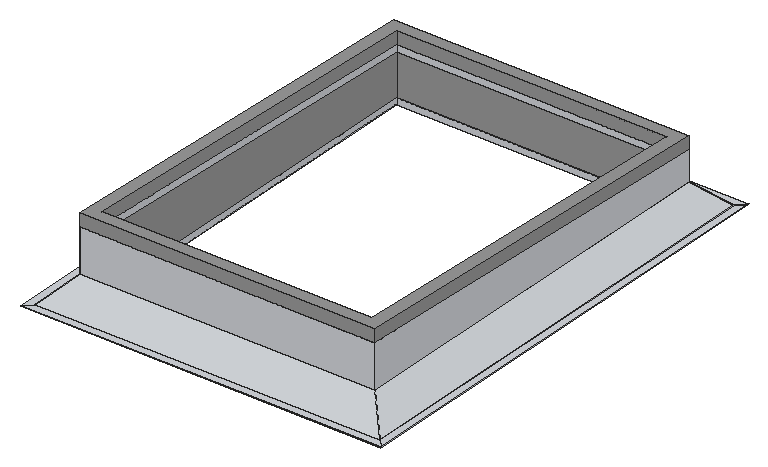
Revit family "UCC-2 (Sloped Roof)", category Mechanical Equipment, Revit 2015
Parameters
  URL = "https://unitedenertech.com/catalog/pdf/UCC-2%20submittal%20Model.pdf"
  Type Comments = "Consult Factory for Max. Sizes"
  Roof Slope (Degrees) = 2.00°
  X (3" Standard) = 0' - 3"
  Model = "UCC-2"
  Manufacturer = "United Enertech Corporation"
  Height (8" Standard) = 0' - 8"
  Description = "Conventional Roof Curb (for Sloped Roof)"
  B Side O.D. = 4' - 0"
  A Side O.D. = 3' - 0"
Reference planes (in)
  plane 1 "Center (Front/Back)": y = 0
  plane 2: z = 0
  plane 3 "Center (Left/Right)": x = 0
  plane 4: z = 8
  plane 5: z = 6.5
  plane 6: z = 0.0478
  plane 7: z = 5.75
  plane 8: z = 3
  plane 9: y = -24
  plane 10: y = -48
  plane 11: y = -1.5
  plane 12: y = -46.5
  plane 13: x = -18
  plane 14: x = 18
  plane 15: x = -16.5
  plane 16: x = 16.5
  plane 17: z = 6.4522
  plane 18: y = -0.0478
  plane 19: y = -1.4522
  plane 20: y = -46.5478
  plane 21: y = -47.9522
  plane 22: x = -21
  plane 23: y = -51
  plane 24: x = 21
  plane 25: y = 3
  plane 26: x = -22
  plane 27: y = -52
  plane 28: x = 22
  plane 29: y = 4
  plane 30: x = -16.5478
  plane 31: x = -17.9522
  plane 32: x = 16.5478
  plane 33: x = 17.9522
  plane 34: z = 0.7978
Forms (in)
  Extrusion 1, solid, material "Wood (Oak)"
    sketch origin (0, 0, 0) x (1, 0, 0) y (0, 1, 0)
      loop
        line (-16.5, -46.5) -> (16.5, -46.5) -> (16.5, -1.5) -> (-16.5, -1.5) -> (-16.5, -46.5)
      loop
        line (-18, -48) -> (18, -48) -> (18, 0) -> (-18, 0) -> (-18, -48)
    from 8 to 6.5
  Extrusion 2, solid
    sketch origin (0, 0, 0) x (0, 1, 0) y (0, 0, 1)
      loop
        line (-1.5, 5.75) -> (-1.4522, 5.75) -> (-1.4522, 6.4522) -> (-0.0478, 6.4522) -> (-0.0478, 0.04613) -> (-1.4522, -0.00291) -> (-1.4522, 0.74709) -> (-1.5, 0.74542) -> (-1.5, -0.05238) -> (4, 0.13968) -> (4, 0.18748) -> (3, 0.15256) -> (0, 3) -> (0, 6.5) -> (-1.5, 6.5) -> (-1.5, 5.75)
    from -22 to 22
  Extrusion 3, solid, material "Rigid insulation"
    sketch origin (0, 0, 0) x (0, 1, 0) y (0, 0, 1)
      loop
        line (-0.0478, 0.04613) -> (-0.0478, 6.4522) -> (-1.4522, 6.4522) -> (-1.4522, -0.00291) -> (-0.0478, 0.04613)
    from -22 to 22
  Extrusion 4, solid
    sketch origin (0, 0, 0) x (0, 1, 0) y (0, 0, 1)
      loop
        line (-46.5, 5.75) -> (-46.5, 6.5) -> (-48, 6.5) -> (-48, 1.3238) -> (-51, -1.73316) -> (-52, -1.76808) -> (-52, -1.81588) -> (-46.5, -1.62382) -> (-46.5, -0.82602) -> (-46.5478, -0.82768) -> (-46.5478, -1.57768) -> (-47.9522, -1.62673) -> (-47.9522, 6.4522) -> (-46.5478, 6.4522) -> (-46.5478, 5.75) -> (-46.5, 5.75)
    from -22 to 22
  Extrusion 5, solid, material "Rigid insulation"
    sketch origin (0, 0, 0) x (0, 1, 0) y (0, 0, 1)
      loop
        line (-46.5478, 6.4522) -> (-47.9522, 6.4522) -> (-47.9522, -1.62673) -> (-46.5478, -1.57768) -> (-46.5478, 6.4522)
    from -22 to 22
  Extrusion 6, void
    sketch origin (-221.69848, -14.30152, 0) x (1, 0, 0) y (0, 1, 0)
      loop
        line (214, -8) -> (243.69848, -37.69848) -> (243.69848, -8) -> (214, -8)
    from -325.61764 to 292.03059
  Extrusion 7, void
    sketch origin (-215, 1.0478, 0) x (1, 0, 0) y (0, 1, 0)
      loop
        line (193, 2.9522) -> (193, -25.33207) -> (221.28427, -25.33207) -> (193, 2.9522)
    from -509.41608 to 467.28026
  Extrusion 8, void
    sketch origin (-305.5, -5.5, 0) x (1, 0, 0) y (0, 1, 0)
      loop
        line (334, 4) -> (283.5, 4) -> (283.5, -46.5) -> (334, 4)
    from -420.96492 to 403.99085
  Extrusion 9, void
    sketch origin (-229, 0, 0) x (1, 0, 0) y (0, 1, 0)
      loop
        line (251, 4) -> (205.76598, -41.23402) -> (251, -41.23402) -> (251, 4)
    from -483.66136 to 495.78942
  Extrusion 10, solid
    sketch origin (0, 0, 0) x (0, 1, 0) y (0, 0, 1)
      loop
        line (4, 0.18748) -> (-52, -1.76808) -> (-52, -1.81588) -> (4, 0.13968) -> (4, 0.18748)
    from 16.5 to 22
  Extrusion 11, solid
    sketch origin (0, 0, 0) x (0, 1, 0) y (0, 0, 1)
      loop
        line (4, 0.18748) -> (-52, -1.76808) -> (-52, -1.81588) -> (4, 0.13968) -> (4, 0.18748)
    from -22 to -16.5
  Extrusion 12, solid
    sketch origin (0, 0, 0) x (1, 0, 0) y (0, 0, 1)
      loop
        line (-16.5, 5.75) -> (-16.5, 6.5) -> (-18, 6.5) -> (-18, -414.91977) -> (-17.9522, -414.91977) -> (-17.9522, 6.4522) -> (-16.5478, 6.4522) -> (-16.5478, 5.75) -> (-16.5, 5.75)
    from -4 to 52
  Extrusion 13, solid
    sketch origin (0, 0, 0) x (-1, 0, 0) y (0, 0, -1)
      loop
        line (-16.5, -5.75) -> (-16.5478, -5.75) -> (-16.5478, -6.4522) -> (-17.9522, -6.4522) -> (-17.9522, 414.91977) -> (-18, 414.91977) -> (-18, -6.5) -> (-16.5, -6.5) -> (-16.5, -5.75)
    from -4 to 52
  Extrusion 14, solid, material "Rigid insulation"
    sketch origin (0, 0, 0) x (1, 0, 0) y (0, 0, 1)
      loop
        line (-17.9522, 6.4522) -> (-17.9522, -411.06923) -> (-16.5478, -411.06923) -> (-16.5478, 6.4522) -> (-17.9522, 6.4522)
    from -4 to 52
  Extrusion 15, solid, material "Rigid insulation"
    sketch origin (0, 0, 0) x (-1, 0, 0) y (0, 0, -1)
      loop
        line (-17.9522, -6.4522) -> (-16.5478, -6.4522) -> (-16.5478, 411.06923) -> (-17.9522, 411.06923) -> (-17.9522, -6.4522)
    from -4 to 52
  Extrusion 16, solid
    sketch origin (0, 0, 0) x (0, 1, 0) y (0, 0, 1)
      loop
        line (4, 0.93748) -> (-52, -1.01808) -> (-52, -1.76808) -> (4, 0.18748) -> (4, 0.93748)
    from 16.5 to 16.5478
  Extrusion 17, solid
    sketch origin (0, 0, 0) x (0, 1, 0) y (0, 0, 1)
      loop
        line (4, 0.18748) -> (4, 0.93748) -> (-52, -1.01808) -> (-52, -1.76808) -> (4, 0.18748)
    from -16.5478 to -16.5
  Extrusion 18, void
    sketch origin (0, 0, 0) x (0, 1, 0) y (0, 0, 1)
      loop
        line (2253.91836, -590.37317) -> (2253.91836, 81.70856) -> (-2327.83553, -78.28981) -> (-2327.83553, -590.37317) -> (2253.91836, -590.37317)
    from -1353.57832 to 1391.56964
  Extrusion 19, void
    sketch origin (0, 0, 0) x (0, 1, 0) y (0, 0, 1)
      loop
        line (6745.15324, -1130.2517) -> (6745.15324, 235.59374) -> (-8860.62774, -309.37214) -> (-8860.62774, -1130.2517) -> (6745.15324, -1130.2517)
    from -3998.34384 to 3995.30676
  Blend 20, solid
    base sketch origin (0, 0, 0) x (0, 1, 0) y (0, 0, 1)
      loop
        line (4, 0.18748) -> (-52, -1.76808) -> (-52, -1.81588) -> (4, 0.13968) -> (4, 0.18748)
    top sketch origin (0, 0, 0) x (0, 1, 0) y (0, 0, 1)
      loop
        line (4, 3.13968) -> (-52, 1.18412) -> (-52, -1.81588) -> (4, 0.13968) -> (4, 3.13968)
    from -21 to -17.9522
  Blend 21, solid
    base sketch origin (0, 0, 0) x (0, 1, 0) y (0, 0, 1)
      loop
        line (4, 3.13968) -> (-52, 1.18412) -> (-52, -1.81588) -> (4, 0.13968) -> (4, 3.13968)
    top sketch origin (0, 0, 0) x (0, 1, 0) y (0, 0, 1)
      loop
        line (4, 0.13968) -> (4, 0.18748) -> (-52, -1.76808) -> (-52, -1.81588) -> (4, 0.13968)
    from 17.9522 to 21
  Extrusion 22, void
    sketch origin (-203, 0, 0) x (1, 0, 0) y (0, 1, 0)
      loop
        line (181, 4) -> (212.47666, -27.47666) -> (212.47666, 4) -> (181, 4)
    from -945.71507 to 947.83626
  Extrusion 23, void
    sketch origin (-167, 0, 0) x (1, 0, 0) y (0, 1, 0)
      loop
        line (189, 4) -> (143.76598, 4) -> (143.76598, -41.23402) -> (189, 4)
    from -729.21014 to 772.48719
  Extrusion 24, void
    sketch origin (-212, 0, 0) x (1, 0, 0) y (0, 1, 0)
      loop
        line (190, -52) -> (236.68986, -52) -> (236.68986, -5.31014) -> (190, -52)
    from -426.13608 to 483.1842
  Extrusion 25, void
    sketch origin (-257, 0, 0) x (1, 0, 0) y (0, 1, 0)
      loop
        line (279, -52) -> (211.13856, 15.86144) -> (211.13856, -52) -> (279, -52)
    from -1328.68237 to 1606.10402
Cuts and joins
  Extrusion 6, Extrusion 8 cuts Extrusion 4
  Extrusion 6, Extrusion 8 cuts Extrusion 5
  Extrusion 7, Extrusion 9 cuts Extrusion 2
  Extrusion 7, Extrusion 9 cuts Extrusion 3
  Extrusion 18, Extrusion 22, Extrusion 24 cuts Extrusion 12
  Extrusion 18, Extrusion 23, Extrusion 25 cuts Extrusion 13
  Extrusion 19, Extrusion 22, Extrusion 24 cuts Extrusion 14
  Extrusion 19, Extrusion 23, Extrusion 25 cuts Extrusion 15
  Extrusion 22, Extrusion 24 cuts Extrusion 17
  Extrusion 22, Extrusion 24 cuts Blend 20
  Extrusion 22, Extrusion 24 cuts Extrusion 11
  Extrusion 23, Extrusion 25 cuts Extrusion 16
  Extrusion 23, Extrusion 25 cuts Extrusion 10
  Extrusion 23, Extrusion 25 cuts Blend 21
Lines and regions (in)
  reference lines
    curve 1: line (0, 0, 0) -> (0, -59.96345, -2.09397)
    curve 2: line (0, 0, 0.0478) -> (0, -12.99208, -0.40589)
    curve 3: line (0, 0, 3) -> (0, -62.96162, 0.80133)
    curve 4: line (0, 0, 0.7978) -> (0, -80.95066, -2.02906)
Dimensions and locks (in)
  "Height (8" Standard)": plane 4 to level
  locked: level to plane 6 at 0.0478
  locked: plane 4 to plane 5 at 1.5
  locked: plane 5 to plane 7 at 0.75
  "X (3" Standard)": plane 8 to level
  equal spacing: plane 10, plane 9, plane 1 "Center (Front/Back)"
  "B Side O.D.": plane 1 "Center (Front/Back)" to plane 10
  locked: plane 1 "Center (Front/Back)" to plane 11 at 1.5
  locked: plane 12 to plane 10 at 1.5
  equal spacing: plane 13, plane 3 "Center (Left/Right)", plane 14
  "A Side O.D.": plane 13 to plane 14
  locked: plane 13 to plane 15 at 1.5
  locked: plane 14 to plane 16 at 1.5
  locked: plane 5 to plane 17 at 0.0478
  locked: plane 1 "Center (Front/Back)" to plane 18 at 0.0478
  locked: plane 19 to plane 11 at 0.0478
  locked: plane 12 to plane 20 at 0.0478
  locked: plane 21 to plane 10 at 0.0478
  "X (3" Standard)": plane 1 "Center (Front/Back)" to plane 25
  "X (3" Standard)": plane 10 to plane 23
  "X (3" Standard)": plane 22 to plane 13
  "X (3" Standard)": plane 14 to plane 24
  locked: plane 26 to plane 22 at 1
  locked: plane 24 to plane 28 at 1
  locked: plane 23 to plane 27 at 1
  locked: plane 25 to plane 29 at 1
  locked: plane 15 to plane 30 at 0.0478
  locked: plane 13 to plane 31 at 0.0478
  locked: plane 32 to plane 16 at 0.0478
  locked: plane 33 to plane 14 at 0.0478
  locked: plane 34 to plane 6 at 0.75
  "Roof Slope (Degrees)": angle curve 1 to level
  "Roof Slope (Degrees)": angle curve 2 to level
  "Roof Slope (Degrees)": angle curve 3 to plane 8
  locked: Extrusion 6 sketch curve to Extrusion 6 sketch curve (angle 45.00°)  (x2)
  angle Extrusion 7 sketch curve to Extrusion 7 sketch curve = 45.00°
  locked: Extrusion 8 sketch curve to Extrusion 8 sketch curve (angle 45.00°)  (x2)
  locked: Extrusion 9 sketch curve to Extrusion 9 sketch curve (angle 45.00°)  (x2)
  "Roof Slope (Degrees)": angle curve 4 to plane 34
  locked: Extrusion 22 sketch curve to Extrusion 22 sketch curve (angle 45.00°)
  locked: Extrusion 23 sketch curve to Extrusion 23 sketch curve (angle 45.00°)
  locked: Extrusion 24 sketch curve to Extrusion 24 sketch curve (angle 45.00°)
  locked: Extrusion 25 sketch curve to Extrusion 25 sketch curve (angle 45.00°)
  aligned and locked: level to plane 2
  aligned and locked: plane 1 "Center (Front/Back)" to curve 1
  aligned and locked: level to curve 1
  aligned and locked: plane 6 to curve 2
  aligned and locked: plane 1 "Center (Front/Back)" to curve 2
  aligned and locked: plane 1 "Center (Front/Back)" to curve 3
  aligned and locked: plane 8 to curve 3
  aligned and locked: plane 13 to Extrusion 1 sketch curve
  aligned and locked: Extrusion 1 sketch curve to plane 1 "Center (Front/Back)"
  aligned and locked: Extrusion 1 sketch curve to plane 10
  aligned and locked: Extrusion 1 sketch curve to plane 14
  aligned and locked: plane 16 to Extrusion 1 sketch curve
  aligned and locked: plane 12 to Extrusion 1 sketch curve
  aligned and locked: plane 15 to Extrusion 1 sketch curve
  aligned and locked: plane 11 to Extrusion 1 sketch curve
  aligned and locked: Extrusion 1 to plane 5
  aligned and locked: plane 4 to Extrusion 1
  aligned and locked: plane 5 to Extrusion 2 sketch curve
  aligned and locked: Extrusion 2 sketch curve to plane 17
  aligned and locked: Extrusion 2 sketch curve to plane 1 "Center (Front/Back)"
  aligned and locked: plane 18 to Extrusion 2 sketch curve
  aligned and locked: plane 19 to Extrusion 2 sketch curve  (x2)
  aligned and locked: Extrusion 2 sketch curve to plane 11  (x2)
  aligned and locked: Extrusion 2 sketch curve to plane 7
  aligned and locked: Extrusion 2 sketch curve to plane 29
  aligned and locked: Extrusion 2 sketch curve to curve 1
  aligned and locked: Extrusion 2 sketch curve to curve 2  (x2)
  aligned and locked: plane 18 to Extrusion 3 sketch curve
  aligned and locked: plane 19 to Extrusion 3 sketch curve
  aligned and locked: Extrusion 3 sketch curve to plane 17
  aligned and locked: Extrusion 3 sketch curve to curve 2
  aligned and locked: Extrusion 2 to plane 26
  aligned and locked: Extrusion 3 to plane 26
  aligned and locked: Extrusion 3 to plane 28
  aligned and locked: Extrusion 2 to plane 28
  aligned and locked: plane 20 to Extrusion 4 sketch curve
  aligned and locked: plane 12 to Extrusion 4 sketch curve  (x2)
  aligned and locked: plane 10 to Extrusion 4 sketch curve  (x2)
  aligned and locked: plane 21 to Extrusion 4 sketch curve
  aligned and locked: Extrusion 4 sketch curve to plane 5
  aligned and locked: Extrusion 4 sketch curve to plane 17
  aligned and locked: Extrusion 4 sketch curve to plane 7
  aligned and locked: Extrusion 4 sketch curve to plane 27
  aligned and locked: curve 1 to Extrusion 4 sketch curve
  aligned and locked: Extrusion 4 sketch curve to curve 2
  aligned and locked: curve 2 to Extrusion 4 sketch curve  (x2)
  aligned and locked: Extrusion 4 sketch curve to plane 20
  aligned and locked: Extrusion 5 sketch curve to plane 17
  aligned and locked: plane 21 to Extrusion 5 sketch curve
  aligned and locked: plane 20 to Extrusion 5 sketch curve
  aligned and locked: Extrusion 5 sketch curve to curve 2
  aligned and locked: Extrusion 4 to plane 26
  aligned and locked: Extrusion 5 to plane 26
  aligned and locked: Extrusion 4 to plane 28
  aligned and locked: Extrusion 5 to plane 28
  aligned and locked: plane 28 to Extrusion 6 sketch curve
  aligned and locked: plane 27 to Extrusion 6 sketch curve
  aligned and locked: plane 29 to Extrusion 7 sketch curve
  aligned and locked: plane 26 to Extrusion 7 sketch curve
  aligned and locked: plane 27 to Extrusion 8 sketch curve
  aligned and locked: Extrusion 8 sketch curve to plane 26
  aligned and locked: plane 28 to Extrusion 9 sketch curve
  aligned and locked: plane 29 to Extrusion 9 sketch curve
  aligned and locked: plane 1 "Center (Front/Back)" to Extrusion 2 sketch curve
  aligned and locked: Extrusion 2 sketch curve to curve 3
  aligned and locked: plane 25 to Extrusion 2 sketch curve
  aligned and locked: Extrusion 2 sketch curve to curve 4
  aligned and locked: curve 4 to Extrusion 4 sketch curve
  aligned and locked: plane 23 to Extrusion 4 sketch curve
  aligned and locked: curve 3 to Extrusion 4 sketch curve
  aligned and locked: Extrusion 10 sketch curve to plane 29
  aligned and locked: Extrusion 10 sketch curve to plane 27
  aligned and locked: Extrusion 10 sketch curve to curve 2
  aligned and locked: Extrusion 10 sketch curve to curve 1
  aligned and locked: Extrusion 11 sketch curve to plane 29
  aligned and locked: Extrusion 11 sketch curve to plane 27
  aligned and locked: Extrusion 11 sketch curve to curve 2
  aligned and locked: Extrusion 11 sketch curve to curve 1
  aligned and locked: Extrusion 10 to plane 16
  aligned and locked: Extrusion 10 to plane 28
  aligned and locked: Extrusion 11 to plane 15
  aligned and locked: Extrusion 11 to plane 26
  aligned and locked: Extrusion 12 sketch curve to plane 5
  aligned and locked: plane 17 to Extrusion 12 sketch curve
  aligned and locked: plane 7 to Extrusion 12 sketch curve
  aligned and locked: Extrusion 12 to plane 29
  aligned and locked: Extrusion 12 to plane 27
  aligned and locked: plane 13 to Extrusion 12 sketch curve
  aligned and locked: Extrusion 12 sketch curve to plane 31
  aligned and locked: Extrusion 12 sketch curve to plane 30
  aligned and locked: Extrusion 12 sketch curve to plane 15
  aligned and locked: plane 7 to Extrusion 13 sketch curve
  aligned and locked: plane 17 to Extrusion 13 sketch curve
  aligned and locked: Extrusion 13 sketch curve to plane 5
  aligned and locked: plane 16 to Extrusion 13 sketch curve
  aligned and locked: Extrusion 13 sketch curve to plane 32
  aligned and locked: Extrusion 13 sketch curve to plane 33
  aligned and locked: plane 14 to Extrusion 13 sketch curve
  aligned and locked: Extrusion 13 to plane 27
  aligned and locked: Extrusion 13 to plane 29
  aligned and locked: Extrusion 14 sketch curve to plane 31
  aligned and locked: Extrusion 14 sketch curve to plane 30
  aligned and locked: Extrusion 14 sketch curve to plane 17
  aligned and locked: plane 17 to Extrusion 15 sketch curve
  aligned and locked: Extrusion 15 sketch curve to plane 33
  aligned and locked: Extrusion 15 sketch curve to plane 32
  aligned and locked: Extrusion 14 to plane 29
  aligned and locked: Extrusion 15 to plane 29
  aligned and locked: Extrusion 15 to plane 27
  aligned and locked: Extrusion 14 to plane 27
  aligned and locked: Extrusion 16 sketch curve to plane 29
  aligned and locked: Extrusion 16 sketch curve to plane 27
  aligned and locked: Extrusion 16 sketch curve to curve 4
  aligned and locked: Extrusion 16 sketch curve to curve 2
  aligned and locked: plane 29 to Extrusion 17 sketch curve
  aligned and locked: plane 27 to Extrusion 17 sketch curve
  aligned and locked: Extrusion 17 sketch curve to curve 4
  aligned and locked: Extrusion 17 sketch curve to curve 2
  aligned and locked: Extrusion 17 to plane 15
  aligned and locked: Extrusion 17 to plane 30
  aligned and locked: Extrusion 16 to plane 16
  aligned and locked: plane 32 to Extrusion 16
  aligned and locked: Blend 20 sketch curve to plane 29  (x2)
  aligned and locked: Blend 20 sketch curve to plane 27  (x2)
  aligned and locked: Blend 20 sketch curve to curve 2
  aligned and locked: Blend 20 sketch curve to curve 1  (x2)
  aligned and locked: Blend 20 sketch curve to curve 3
  aligned and locked: Blend 20 to plane 31
  aligned and locked: Blend 20 to plane 22
  aligned and locked: Blend 21 sketch curve to plane 29
  aligned and locked: Blend 21 sketch curve to plane 27
  aligned and locked: Blend 21 sketch curve to curve 1  (x2)
  aligned and locked: Blend 21 sketch curve to curve 3
  aligned and locked: plane 29 to Blend 21 sketch curve
  aligned and locked: plane 27 to Blend 21 sketch curve
  aligned and locked: Blend 21 sketch curve to curve 2
  aligned and locked: Blend 21 to plane 24
  aligned and locked: plane 33 to Blend 21
  aligned and locked: Extrusion 19 sketch curve to curve 2
  aligned and locked: Extrusion 18 sketch curve to curve 3
  aligned and locked: plane 29 to Extrusion 22 sketch curve
  aligned and locked: plane 26 to Extrusion 22 sketch curve
  aligned and locked: plane 28 to Extrusion 23 sketch curve
  aligned and locked: plane 29 to Extrusion 23 sketch curve
  aligned and locked: Extrusion 24 sketch curve to plane 26
  aligned and locked: plane 27 to Extrusion 24 sketch curve
  aligned and locked: plane 28 to Extrusion 25 sketch curve
  aligned and locked: plane 27 to Extrusion 25 sketch curve
Automatic sketch dimensions
  Extrusion 2 sketch curve to Extrusion 2 sketch curve = 0' - 0.0478"
  plane 9 to Extrusion 6 sketch curve = 0' - 1.69848"
  Extrusion 7 sketch curve to plane 9 = 0' - 0.28427"
  Extrusion 8 sketch curve to plane 11 = 0' - 0"
  Extrusion 9 sketch curve to plane 26 = 0' - 1.23402"
  Extrusion 12 sketch curve to level = 34' - 6.91977"
  level to Extrusion 13 sketch curve = 34' - 6.91977"
  Extrusion 14 sketch curve to level = 34' - 3.06923"
  level to Extrusion 15 sketch curve = 34' - 3.06923"
  Extrusion 18 sketch curve to level = 49' - 2.37317"
  Extrusion 18 sketch curve to plane 27 = 189' - 7.83553"
  plane 4 to Extrusion 18 sketch curve = 6' - 1.70856"
  Extrusion 19 sketch curve to level = 94' - 2.2517"
  Extrusion 19 sketch curve to plane 27 = 734' - 0.62774"
  plane 4 to Extrusion 19 sketch curve = 18' - 11 19/32"
  plane 3 "Center (Left/Right)" to Extrusion 22 sketch curve = 0' - 9.47666"
  Extrusion 23 sketch curve to plane 12 = 0' - 5.26598"
  Extrusion 24 sketch curve to plane 28 = 0' - 2.68986"
  Extrusion 25 sketch curve to plane 29 = 0' - 11.86144"
  curve 4 to plane 1 "Center (Front/Back)" = 0' - 0"
  curve 4 to plane 34 = 0' - 0"
